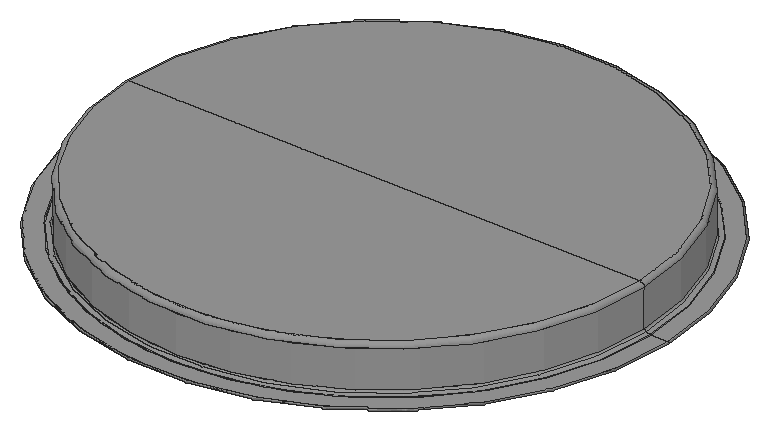
Revit family "MIA13_63_UN_Downlighter_ETK", category Lighting Fixtures, Revit 2017 (continued)
Definition of nested family "MIA.13 - Lightsource"
  Types (8, lengths in mm): name | Wattage | built-in parameter 1150134 | Photometric Web File | built-in parameter 1150142 | built-in parameter 1150105 | Lumens | built-in parameter 1150107 | built-in parameter 1150106
    MIA.1363.25/35 - Ø240 / 18W / 1980lm / 4000K | 13.3296 W | 12 | "MIA.1363.25_LDT.ies" | "IESNA91\r\n[MANUFAC]  www.etk.nl\r\n[LUMCAT] MIA.1363.25\r\n[LUMINAIRE] MIA.1 LED 18W 4000K ø240 1800Lm alu  Dimbaar DALI\r\n[LAMP] LED\r\n[CHANGED] this file converted to 'ies' from 'ldt' by IES Viewer v2.99n    (C) Andrey Legotin\r\nTILT=NONE\r\n1 1890 1.89 101 36 1 2 0 -0.22 0\r\n1 1 18\r\n0 0.9 1.8 2.7 3.6 4.5 5.4 6.3 7.2 8.1 9 9.9 10.8 11.7 12.6 \r\n13.5 14.4 15.3 16.2 17.1 18 18.9 19.8 20.7 21.6 22.5 23.4 \r\n24.3 25.2 26.1 27 27.9 28.8 29.7 30.6 31.5 32.4 33.3 34.2 \r\n35.1 36 36.9 37.8 38.7 39.6 40.5 41.4 42.3 43.2 44.1 45 \r\n45.9 46.8 47.7 48.6 49.5 50.4 51.3 52.2 53.1 54 54.9 55.8 \r\n56.7 57.6 58.5 59.4 60.3 61.2 62.1 63 63.9 64.8 65.7 66.6 \r\n67.5 68.4 69.3 70.2 71.1 72 72.9 73.8 74.7 75.6 76.5 77.4 \r\n78.3 79.2 80.1 81 81.9 82.8 83.7 84.6 85.5 86.4 87.3 88.2 \r\n89.1 90 \r\n0 10 20 30 40 50 60 70 80 90 100 110 120 130 140 150 160 \r\n170 180 190 200 210 220 230 240 250 260 270 280 290 300 310 \r\n320 330 340 350 \r\n345.652 343.7612 343.769 344.0738 344.5113 345.0035 \r\n345.0035 344.3316 343.4409 342.183 340.386 338.5968 336.956 \r\n335.3543 334.073 333.2682 332.7135 331.8306 330.2992 \r\n328.7132 326.7287 324.3535 321.9236 318.9312 315.7669 \r\n313.087 311.0712 309.3835 307.6178 305.6333 303.6565 \r\n300.7813 297.492 294.0386 290.1711 286.1239 282.4674 \r\n279.4203 276.5997 273.7636 270.8884 268.0131 264.4113 \r\n260.5594 256.4575 251.8869 247.0271 242.3939 238.2295 \r\n234.1667 230.268 226.6427 223.0252 218.9312 214.6808 \r\n210.3133 205.7661 201.0938 196.2419 190.7571 185.2723 \r\n180.2953 175.7325 171.2243 166.8802 162.6143 158.0123 \r\n152.7932 147.2146 141.5501 135.5497 129.5414 123.8222 \r\n118.2436 112.8369 107.9069 103.3049 98.4374 92.976 87.2803 \r\n81.5689 75.8184 70.0602 64.841 59.8719 54.8949 49.7461 \r\n44.4566 39.1906 34.0417 28.9085 23.7675 18.6343 13.5011 \r\n9.7117 6.6568 3.6487 0.6407 0 0 0 \r\n345.652 344.4644 343.394 342.808 342.9018 343.269 343.4331 \r\n343.3315 343.0815 342.3236 341.0266 339.7062 337.4951 \r\n335.1746 333.2526 331.7837 330.5414 329.4867 328.7444 \r\n327.9084 326.3458 324.2675 322.0486 319.1343 316.0169 \r\n312.9541 309.9461 307.0552 304.6097 303.0002 301.3907 \r\n298.914 296.1872 293.2338 289.8195 286.1942 283.0143 \r\n280.4516 278.0373 275.6231 273.2088 268.3178 263.1299 \r\n258.4343 254.5199 250.9259 247.0193 242.6205 238.0342 \r\n233.4479 228.9007 224.3535 220.025 215.8919 211.7978 \r\n207.5475 203.1956 198.8046 194.3355 189.8039 185.1473 \r\n179.5453 173.9511 168.6225 163.4893 158.4499 153.5198 \r\n148.6991 143.8862 139.0812 134.2839 129.1898 123.369 \r\n117.4623 111.6259 105.852 100.2266 95.0152 90.2492 85.4051 \r\n79.9437 74.373 68.8413 63.3487 57.8717 52.8244 48.1366 \r\n43.3628 38.2999 32.9479 27.5959 22.4627 17.3217 12.8916 \r\n9.1413 5.7583 3.7034 3.1721 2.6486 2.1252 1.5939 \r\n345.652 345.8395 345.9723 345.9958 345.2692 344.191 \r\n342.9409 341.4173 339.8 338.5264 338.3077 338.0967 337.6201 \r\n337.0341 336.2372 334.8621 333.0963 331.0727 328.4632 \r\n325.7051 323.2206 321.361 319.5093 317.9702 316.5638 \r\n314.9699 312.9073 310.493 307.9381 304.8676 301.7423 \r\n298.328 294.6246 290.8821 288.1084 285.8348 283.4675 \r\n280.9048 278.178 275.2559 271.2009 267.1537 262.7549 \r\n258.0983 253.4651 249.371 245.6754 242.0658 238.6749 235.37 \r\n231.8775 227.4865 223.0877 218.3139 213.3135 208.3288 \r\n203.5784 199.0624 194.5777 190.1867 185.8192 181.2954 \r\n176.4825 171.6384 166.3646 160.8094 155.3246 150.1133 \r\n145.1598 140.175 134.8777 129.557 124.2519 118.9702 \r\n113.6886 108.5554 103.5472 98.3671 92.7651 86.8193 80.9126 \r\n75.6465 70.3805 65.3645 60.5907 55.8403 50.793 45.4332 \r\n40.0891 34.823 29.5961 24.4316 19.525 14.6418 10.5946 \r\n7.2193 4.0706 0.9141 0 0 0 \r\n345.652 344.4488 344.6754 345.0738 344.9957 344.48 343.6909 \r\n342.4408 340.5422 338.7061 337.417 336.3622 335.4793 \r\n335.0496 334.7449 333.8855 332.4713 330.7915 328.6663 \r\n325.9395 323.2049 320.7751 318.3842 316.306 314.6886 \r\n313.2667 311.454 309.1413 306.6802 303.7737 300.3985 \r\n297.0232 293.5151 289.9914 286.7724 283.9362 281.2642 \r\n278.4514 275.42 272.3494 269.0523 265.5911 261.9502 \r\n257.3639 252.5041 248.0428 244.0503 240.2922 236.7138 \r\n233.4948 230.268 226.088 221.6111 216.8998 211.6962 \r\n206.2817 201.2735 196.8435 192.5463 188.2491 183.9519 \r\n179.6468 174.7246 169.6383 164.38 158.8562 153.1995 147.785 \r\n142.8783 137.9952 133.0885 128.135 123.1815 117.9389 \r\n112.6182 107.3521 102.172 97.0154 91.6712 85.8348 80.0063 \r\n74.5293 69.2476 64.0128 58.8874 53.8089 48.8866 44.1831 \r\n39.55 34.7136 29.3617 24.0097 19.1343 14.4621 10.3211 \r\n7.4068 5.266 3.6722 3.219 3.0002 2.7893 \r\n345.652 343.8941 342.7377 342.0111 341.9564 342.1674 \r\n342.3236 342.3939 342.3392 341.7689 340.5344 339.2921 \r\n337.1357 334.823 332.8385 331.2915 329.9789 328.8069 \r\n327.9084 326.963 325.6114 323.9081 322.072 319.1577 \r\n315.9387 312.8526 309.9305 307.1412 304.7269 303.1487 \r\n301.5704 299.0937 296.2731 293.2651 289.8039 286.1317 \r\n282.4674 278.7874 275.1543 271.7712 268.8726 265.9739 \r\n262.5908 259.0593 255.2856 251.0821 246.6286 242.2142 \r\n237.878 233.5573 229.3617 225.3379 221.3142 217.3217 \r\n213.3292 209.2117 204.891 200.4219 195.7028 190.1633 \r\n184.6316 179.3734 174.3027 169.3648 165.1457 161.2782 \r\n157.0045 152.0431 146.7146 141.3079 135.6747 130.0492 \r\n124.4082 118.7749 113.3292 108.485 104.0472 99.3437 94.0542 \r\n88.5772 83.1393 77.7873 72.4353 67.3178 62.333 57.3404 \r\n52.2853 47.1677 42.097 37.1904 32.2994 27.674 23.3378 \r\n19.0327 14.7746 10.5399 6.3052 2.0705 0 0 0 \r\n345.652 345.6051 344.4175 343.0893 342.0423 341.222 \r\n340.5813 340.2766 340.4016 340.4407 339.7922 338.9249 \r\n337.792 336.1356 334.3464 332.2447 329.8695 327.6037 \r\n325.8301 324.6504 323.4784 322.1345 320.7751 318.9468 \r\n316.5169 313.8605 310.7821 307.1959 303.7034 300.6329 \r\n297.9373 295.2965 293.2651 291.3196 288.8351 285.7958 \r\n282.4518 278.7483 274.4824 270.2711 266.4739 262.919 \r\n259.4031 256.0513 252.7385 249.2382 245.527 241.722 237.792 \r\n233.6433 229.4945 224.5097 219.3374 214.3839 209.907 \r\n205.6411 201.3126 196.906 192.4916 188.1006 183.7409 \r\n179.3734 173.9277 168.2788 162.7471 157.3795 152.0978 \r\n147.1677 142.9252 138.6358 133.8933 128.7288 123.5331 \r\n118.0717 112.5322 107.2115 102.172 97.242 92.2181 86.9599 \r\n81.7017 76.3966 71.0759 65.7864 60.5829 55.434 50.5586 \r\n46.1052 41.7689 37.2607 32.3697 27.4787 22.7518 18.0717 \r\n13.837 10.4618 7.61 5.3598 4.3597 3.555 2.7502 \r\n345.652 344.0894 344.4097 344.9098 344.7613 344.3003 \r\n343.5268 342.2455 340.6672 339.0968 337.5654 336.0263 \r\n335.2606 334.9168 334.5418 333.6667 332.4635 331.0102 \r\n329.0257 326.8302 324.5019 321.7751 319.0562 316.8216 \r\n314.8215 312.8916 311.0009 309.1492 307.0865 304.305 \r\n301.4142 298.3671 295.1168 291.8353 288.3897 284.8504 \r\n281.4829 278.4593 275.7169 272.9432 269.9117 266.8802 \r\n263.2471 259.1218 254.8402 250.3242 245.6208 241.1829 \r\n237.3935 233.987 230.518 226.713 222.908 218.7124 214.2433 \r\n209.5867 204.5082 199.0312 193.7183 188.9757 184.4285 \r\n179.9281 175.5293 171.1306 166.3333 161.2548 156.1919 \r\n151.3087 146.613 141.8001 136.0341 130.1274 124.5332 \r\n119.3453 114.2746 109.1804 104.0628 99.0155 94.1402 89.4289 \r\n84.7019 79.3499 73.998 68.7163 63.5128 58.3874 53.6683 \r\n49.4179 45.1051 40.5657 35.8778 31.1977 26.4943 21.7908 \r\n17.6264 13.9386 10.4149 6.8834 3.3596 0 0 \r\n345.652 344.6519 344.7613 345.0113 344.5504 343.6987 \r\n342.6127 341.0891 339.2453 337.5576 336.8466 336.1434 \r\n335.5731 335.1121 334.6043 333.487 331.9087 330.0805 \r\n327.674 324.9473 322.283 319.9625 317.642 315.7747 314.212 \r\n312.626 310.7118 308.485 306.0708 302.9924 299.7109 \r\n296.3669 292.8823 289.3898 286.2255 283.2721 280.3813 \r\n277.5217 274.6933 271.8181 268.5288 265.1926 261.3642 \r\n256.9419 252.3635 247.8866 243.4878 239.3234 235.7606 \r\n232.6901 229.5648 225.2051 220.8454 216.1184 211.0634 \r\n205.8911 200.9063 196.1638 191.4837 186.8818 182.3971 \r\n177.9123 173.1698 168.3882 163.6222 158.903 154.1917 \r\n149.1523 143.4643 137.7998 132.3619 127.1349 121.9314 \r\n116.9857 112.1025 107.2896 102.5783 97.8592 92.851 87.1865 \r\n81.522 76.0841 70.7321 65.7864 62.2158 59.2703 56.3247 \r\n52.5432 46.8943 40.6672 34.5261 29.8539 25.1895 21.0016 \r\n17.2435 13.6573 10.3211 7.2584 4.1956 1.1329 0 \r\n345.652 343.0268 342.2142 341.7845 341.9798 342.4799 \r\n342.683 342.4564 341.9877 341.2063 339.6672 338.128 \r\n336.0653 333.8151 331.8462 330.5883 329.7836 328.9241 \r\n327.9319 326.8693 325.4082 323.2049 321.0095 318.1264 \r\n315.0012 312.04 309.4304 307.0474 304.7504 302.7502 \r\n300.7579 298.3514 295.609 292.8041 289.6789 286.3974 \r\n282.8737 278.9124 274.7402 270.7712 267.6459 264.5207 \r\n261.2392 257.8717 254.4418 250.8243 247.0818 243.0737 \r\n238.4796 233.6823 229.0023 224.7676 220.5329 216.7122 \r\n213.1026 209.3054 204.9301 200.0781 195.1559 190.007 \r\n184.8191 179.7953 175.0059 170.2399 165.4582 160.661 \r\n155.8403 150.9493 146.0036 140.9798 135.2606 129.5414 \r\n124.2128 119.2359 114.3292 109.2507 104.0316 98.8437 \r\n93.7261 88.6397 83.444 77.4748 71.4978 65.5207 60.7938 \r\n56.7701 52.8244 48.8632 44.8863 40.886 36.8232 32.5572 \r\n28.2913 24.1191 19.9937 16.0091 12.376 9.0398 5.6958 2.3517 \r\n0 \r\n345.652 347.9803 348.6757 349.1679 349.1523 348.6835 \r\n347.9412 346.7224 344.8629 343.0971 342.058 341.261 \r\n340.5891 340.1985 339.8937 339.0968 337.8311 336.3466 \r\n334.4636 332.0806 329.6976 327.0802 324.4472 322.2596 \r\n320.7047 319.4 317.7045 315.4934 313.1963 310.6415 307.8287 \r\n304.9535 301.1407 297.2185 293.7573 290.8274 288.1475 \r\n285.5457 283.069 280.4985 277.1779 273.4042 269.4976 \r\n264.9895 260.3172 256.0747 252.3088 248.7304 245.1598 \r\n241.6361 238.1124 233.8776 229.4789 224.8848 219.9156 \r\n214.7824 209.8289 205.141 200.5313 196.0466 191.7494 \r\n187.4443 182.694 177.8498 173.0213 168.2085 163.4112 \r\n158.3014 152.5588 146.8474 141.4876 136.4872 131.5103 \r\n126.9396 122.4861 117.6811 112.415 106.899 101.336 95.6403 \r\n89.9523 84.6394 79.4906 74.4902 69.9664 65.6614 61.1532 \r\n56.3169 51.379 46.4724 41.6439 36.8154 32.7291 28.8773 \r\n25.0332 21.0954 17.1029 13.1182 9.1257 5.1332 1.1407 \r\n345.652 347.1756 346.3396 345.6598 345.5192 345.5817 \r\n345.6911 345.863 345.9411 345.6208 344.5582 343.4956 \r\n342.0111 340.2297 338.378 336.5185 334.6668 332.9323 \r\n331.565 330.5727 329.5882 328.01 326.4005 324.2988 321.6267 \r\n318.7358 315.6418 312.2978 309.1492 306.7271 304.9066 \r\n303.0237 300.6876 298.2889 295.4293 292.0931 288.5069 \r\n284.6238 280.2953 276.0528 272.4979 269.2788 266.0833 \r\n262.9346 259.8094 256.3013 252.3947 248.3553 244.2535 \r\n240.0422 235.8387 230.9555 225.9552 221.2204 216.9466 \r\n212.8604 208.8679 204.9848 201.0079 196.5544 191.5384 \r\n186.5146 180.9594 175.3262 169.8492 164.591 159.4578 \r\n154.6449 150.4414 146.1599 141.3392 136.0497 130.7133 \r\n125.0879 119.3843 113.9386 108.8366 103.8831 98.9062 93.898 \r\n88.8819 83.7253 78.5139 73.4354 68.7866 64.3332 59.6453 \r\n54.6136 49.5195 44.6207 40.1047 35.5887 31.1665 26.7755 \r\n22.5955 18.8296 15.3059 11.8369 8.4772 5.141 1.797 \r\n345.652 346.3005 347.2224 348.1053 348.285 348.1288 347.66 \r\n346.6521 345.3473 343.9409 342.1752 340.4094 339.5031 \r\n339.0343 338.6046 337.9639 337.1904 336.0809 334.2292 \r\n332.1197 329.7914 326.8849 323.9784 321.5876 319.439 \r\n317.4857 315.8762 314.5246 312.9073 310.3524 307.6568 \r\n304.516 300.836 297.0935 293.6323 290.3117 287.1709 \r\n284.3503 281.772 279.0843 275.7481 272.4041 268.8882 \r\n265.2395 261.4814 257.1451 252.3791 247.8162 243.73 \r\n239.8859 236.0341 232.0728 228.1116 224.1347 220.1422 \r\n215.97 211.2118 205.9067 200.6407 195.5387 190.4993 \r\n185.8192 181.8658 177.9983 173.4432 168.4507 163.3018 \r\n157.9577 152.4338 146.9646 141.933 136.956 131.9009 \r\n126.7521 121.5876 116.4622 111.3681 106.2114 100.8751 \r\n95.4059 89.9602 85.1004 80.2485 75.2715 70.2008 65.1223 \r\n60.1844 55.395 50.6836 46.2536 41.9798 37.6201 32.9323 \r\n28.1975 23.6581 19.2828 14.9465 10.618 6.2896 1.9533 0 \r\n345.652 345.4332 345.3004 345.1754 345.3785 345.8083 \r\n346.1599 346.0974 345.5817 344.941 343.3784 341.6126 \r\n339.7609 337.7608 335.7294 334.4714 333.9011 333.2839 \r\n332.3072 330.9868 329.6586 327.3381 325.002 322.408 \r\n319.5406 316.5872 313.962 311.7275 309.5164 307.4146 \r\n305.4067 303.3206 300.6954 297.9998 294.7183 290.8821 \r\n286.8583 282.9752 279.2953 275.67 272.5135 269.5757 \r\n266.5833 263.4346 260.2469 256.4966 252.1681 247.6365 \r\n242.9174 237.9405 232.9557 229.2914 225.8301 222.1892 \r\n218.1967 214.0714 209.5867 204.641 199.6718 194.7808 \r\n189.9836 185.1863 180.1703 175.1152 170.1617 165.3332 \r\n160.5594 155.6372 150.4493 145.277 140.2297 135.284 \r\n130.2524 124.7051 119.0093 113.5479 108.3522 103.3206 \r\n98.4686 93.9917 89.507 84.2253 78.6546 73.1151 67.724 \r\n62.4033 57.4264 52.9416 48.5507 44.0347 39.2687 34.5027 \r\n29.6429 24.7597 20.0797 15.7747 11.6728 8.2272 6.1099 \r\n4.1097 2.1017 \r\n345.652 347.8631 348.0272 347.9334 347.1365 345.9333 \r\n344.6754 343.4956 342.5424 341.9252 341.3079 341.011 \r\n340.8157 340.3703 339.2921 337.9327 336.2685 334.1667 \r\n331.9478 329.6117 327.0959 324.58 323.0643 321.7908 \r\n320.4157 318.814 317.0795 314.9387 311.9775 308.946 \r\n305.6645 302.0939 298.5311 295.6793 293.0541 290.4446 \r\n287.8428 285.2567 282.4596 278.9359 275.2559 271.4821 \r\n267.5678 263.6378 259.489 255.2231 251.0977 247.3084 \r\n243.8159 240.3078 236.706 233.0963 228.9945 224.4238 \r\n219.7203 214.673 209.3445 204.2738 199.8047 195.734 \r\n191.6243 187.2021 182.7721 177.967 172.8729 167.6459 \r\n162.1767 156.481 150.9337 145.9567 141.222 136.4325 \r\n131.4868 126.5255 121.3298 115.9544 110.6258 105.5082 \r\n100.6407 95.695 90.0852 84.366 78.8265 73.5448 68.3413 \r\n63.2159 58.1686 53.2073 48.4647 43.9331 39.4093 34.3933 \r\n29.3851 24.5332 19.8531 15.2903 11.3915 8.2663 5.141 2.0158 \r\n0 \r\n345.652 345.863 346.4568 347.0974 347.199 346.8005 346.1286 \r\n345.0895 343.5425 342.0111 340.5813 339.1827 338.0655 \r\n337.5811 337.2763 336.5263 335.3387 333.9558 332.276 \r\n330.2055 328.135 325.3145 322.4158 319.8531 317.8608 \r\n316.095 314.3917 312.751 310.9852 308.6569 305.7192 \r\n302.7737 299.0624 295.2574 291.7025 288.46 285.3817 \r\n282.4596 279.8344 277.1467 274.0058 270.5368 266.9662 \r\n262.8018 258.4733 254.1761 249.918 245.7145 241.6283 \r\n237.792 233.9558 230.0492 226.127 222.1502 218.0561 \r\n213.9151 209.321 204.0941 198.7421 193.5307 188.5616 \r\n183.5925 179.4281 175.4668 171.2087 166.388 161.2548 \r\n155.9966 150.4961 144.9723 139.3625 133.6667 127.9709 \r\n123.1424 118.5483 113.7511 108.6335 103.3362 97.953 92.3197 \r\n86.6865 81.4282 76.3732 71.3103 66.1145 60.8563 55.6762 \r\n50.6055 45.6208 40.7766 36.2919 31.815 26.9787 22.0017 \r\n17.1732 12.8369 8.8132 5.6489 4.3128 3.4143 2.5158 \r\n345.652 344.7066 345.2926 345.9489 346.2614 346.4177 \r\n346.1911 345.4098 344.3785 343.0034 340.9251 338.8546 \r\n337.7764 336.9873 336.3075 335.7215 335.1981 334.323 \r\n332.7057 330.9477 328.6976 325.7598 322.8221 320.4313 \r\n318.2124 316.1888 314.4855 312.9698 311.204 308.696 \r\n306.1958 303.0627 299.539 295.9762 292.4525 288.9601 \r\n285.7176 282.8893 280.2563 277.5061 274.4121 271.3181 \r\n267.8412 264.1769 260.3016 255.895 251.129 246.5974 \r\n242.5736 238.7061 234.9793 231.5962 228.2053 224.0878 \r\n219.6578 214.9934 209.9695 204.6722 199.414 194.2964 \r\n189.1867 184.6863 180.8188 177.0295 172.4119 167.3725 \r\n162.1767 156.6841 150.9962 145.4098 140.4328 135.4481 \r\n130.3461 125.1582 119.9312 114.6027 109.1882 103.8753 \r\n98.7968 93.8198 88.6944 82.9362 77.1701 71.6228 66.2083 \r\n60.9657 56.1528 51.7306 47.1521 42.0267 36.7607 31.565 \r\n26.4943 21.4392 16.6966 12.1494 7.6334 3.1174 0 0 0 \r\n345.652 347.6443 347.3162 346.699 345.8786 344.6363 \r\n343.1284 341.9252 341.347 340.8938 340.5266 340.3078 \r\n340.0969 339.2453 338.1905 336.9169 335.3153 333.5026 \r\n331.6822 329.8539 327.9006 325.5879 323.2753 321.4314 \r\n319.814 318.0483 315.845 313.2667 310.5868 307.5006 304.18 \r\n300.8673 297.7342 294.6324 291.8197 289.421 287.2412 \r\n284.6472 281.2017 277.6701 273.6464 269.0991 264.5988 \r\n260.7782 257.1607 253.6683 250.3555 247.1052 243.5815 \r\n239.4015 235.2293 230.9555 226.6349 222.197 217.306 \r\n212.1963 207.3521 202.8987 198.578 194.1792 189.5695 \r\n184.9598 180.35 175.7481 170.8884
